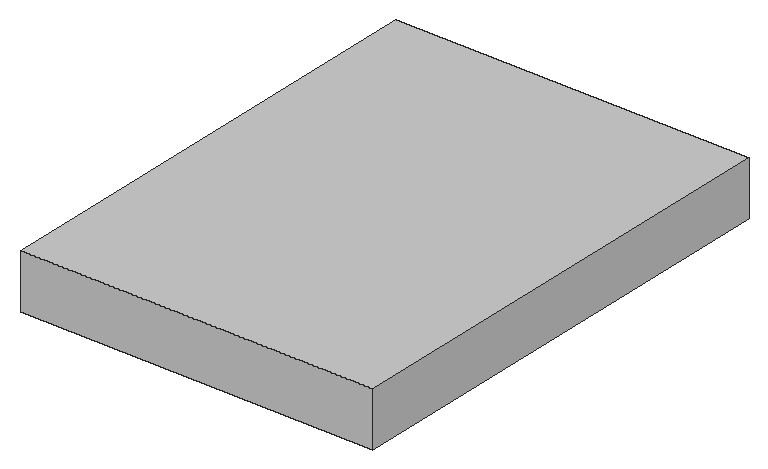
Revit family "Signage_03_Men", category Specialty Equipment, host Face, Revit 2026
Family settings
  Host = Face
  Round Connector Dimension = Use Diameter
  Part Type = Normal
  Classification Number = 23.40.90.11.11
  Enable Cutting in Views = No
  Cut with Voids When Loaded = No
  Maintain Annotation Orientation = No
  Shared = No
  Room Calculation Point = No
Parameters
  thickness = 0.93"
  Length = 6.00"
  Height = 8.00"
  Default Elevation = 48.00"
Reference planes (in)
  plane 1 "Centre (avant/arrière)": y = 0
  plane 2: z = 0
  plane 3 "Centre (gauche/droite)": x = 0
  plane 4: x = -3
  plane 5: y = 4
  plane 6: x = 3
  plane 7: y = -4
  plane 8: z = 0.93
  plane 9: x = -1.00739
  plane 10: x = 0.47112
Forms (in)
  Extrusion 1, solid, material "BLACK"
    sketch origin (0, 0, 0) x (1, 0, 0) y (0, 1, 0)
      loop
        line (3, 4) -> (-3, 4) -> (-3, -4) -> (3, -4) -> (3, 4)
    from 0 to 0.93
Lines and regions (in)
  Split face 1
    outline origin (-0.66423, 0, 0.93) x (1, 0, 0) y (0, 1, 0)
      loop
        line (1.15184, -0.00919) -> (2.06339, -0.00919) -> (2.45505, -0.80537) -> (2.73592, -0.64968) -> (2.69072, -0.56814) -> (2.53382, -0.65511) -> (2.14933, 0.12648) -> (1.34184, 0.12648) -> (1.34184, 0.28363) -> (1.79529, 0.28363) -> (1.79529, 0.42454) -> (1.34184, 0.42454) -> (1.34184, 0.84949)
        arc (1.34184, 0.84949) -> (1.3915, 1.29498) -> (1.15184, 0.91618) r 0.23
        line (1.15184, 0.91618) -> (1.15184, -0.00919)
  Split face 2
    outline origin (-0.79017, 0.06743, 0.93) x (1, 0, 0) y (0, 1, 0)
      loop
        line (1.17908, 0.14843) -> (1.17908, 0.36158)
        arc (1.17908, 0.36158) -> (1.02613, -0.87945) -> (2.24283, -0.59103) r 0.76156
        line (2.24283, -0.59103) -> (2.11573, -0.31592)
        arc (2.11573, -0.31592) -> (1.27587, -0.83317) -> (1.17908, 0.14843) r 0.58156
  Split face 3
    outline origin (-0.82043, 0.25674, 0.93) x (1, 0, 0) y (0, 1, 0)
      loop
        circle (-0.16013, 2.37669) r 0.31
  Split face 4
    outline origin (-1.04908, 0.20032, 0.93) x (1, 0, 0) y (0, 1, 0)
      loop
        arc (-0.68504, 0.64756) -> (-0.55733, 0.51986) -> (-0.42963, 0.64756) r 0.1277
        line (-0.42963, 0.64756) -> (-0.42963, 1.56165)
        arc (-0.42963, 1.56165) -> (-0.37254, 1.61875) -> (-0.31545, 1.56165) r 0.05709
        line (-0.31545, 1.56165) -> (-0.31545, 0.06678) -> (-0.31545, -1.05459)
        arc (-0.31545, -1.05459) -> (-0.15525, -1.18715) -> (0.00593, -1.05579) r 0.16382
        line (0.00593, -1.05579) -> (0.00295, 0.46964)
        arc (0.00295, 0.46964) -> (0.04169, 0.50839) -> (0.08044, 0.46964) r 0.03875
        line (0.08044, 0.46964) -> (0.07746, -1.05579)
        arc (0.07746, -1.05579) -> (0.23864, -1.18715) -> (0.39884, -1.05459) r 0.16382
        line (0.39884, -1.05459) -> (0.39884, 0.06678) -> (0.39884, 1.56165)
        arc (0.39884, 1.56165) -> (0.45593, 1.61875) -> (0.51302, 1.56165) r 0.05709
        line (0.51302, 1.56165) -> (0.51302, 0.64756)
        arc (0.51302, 0.64756) -> (0.64072, 0.51986) -> (0.76843, 0.64756) r 0.1277
        line (0.76843, 0.64756) -> (0.76843, 1.64756)
        spline (0.76843, 1.64756) -> (0.75902, 1.73742) -> (0.75087, 1.77768) -> (0.73255, 1.82328) -> (0.703, 1.86948) -> (0.67186, 1.90672) -> (0.64132, 1.9349) -> (0.60922, 1.95848) -> (0.5719, 1.98163) -> (0.52794, 2.00426) -> (0.48014, 2.02269) -> (0.43545, 2.03163) -> (0.32246, 2.03293)
        line (0.32246, 2.03293) -> (0.04169, 2.03293) -> (-0.23907, 2.03293)
        spline (-0.23907, 2.03293) -> (-0.35206, 2.03163) -> (-0.39675, 2.02269) -> (-0.44455, 2.00426) -> (-0.48852, 1.98163) -> (-0.52583, 1.95848) -> (-0.55793, 1.9349) -> (-0.58847, 1.90672) -> (-0.61961, 1.86948) -> (-0.64916, 1.82328) -> (-0.66748, 1.77768) -> (-0.67564, 1.73742) -> (-0.68504, 1.64756)
        line (-0.68504, 1.64756) -> (-0.68504, 0.64756)
  Split face 5
    outline origin (1.83869, -0.03125, 0.93) x (1, 0, 0) y (0, 1, 0)
      loop
        line (-1.82778, -2.2701) -> (-1.82778, -2.89962) -> (-1.36757, -2.89962) -> (-1.36757, -2.81962) -> (-1.74778, -2.81962) -> (-1.74778, -2.62055) -> (-1.39492, -2.62055) -> (-1.39492, -2.54055) -> (-1.74778, -2.54055) -> (-1.74778, -2.3501) -> (-1.36757, -2.3501) -> (-1.36757, -2.2701) -> (-1.82778, -2.2701)
  Split face 6
    outline origin (-2.59472, -0.03053, 0.93) x (1, 0, 0) y (0, 1, 0)
      loop
        line (1.85363, -2.2695) -> (1.85363, -2.89962) -> (1.93363, -2.89962) -> (1.93363, -2.36601) -> (2.11737, -2.89962) -> (2.20233, -2.89962) -> (2.38607, -2.36601) -> (2.38607, -2.89962) -> (2.46607, -2.89962) -> (2.46607, -2.2695) -> (2.34527, -2.2695) -> (2.15985, -2.80799) -> (1.97443, -2.2695) -> (1.85363, -2.2695)
  Split face 7
    outline origin (1.22512, -0.11478, 0.93) x (1, 0, 0) y (0, 1, 0)
      loop
        circle (-0.94914, -3.29135) r 0.03228
  Split face 8
    outline origin (1.32114, -0.21557, 0.93) x (1, 0, 0) y (0, 1, 0)
      loop
        circle (-0.94914, -3.29135) r 0.03228
  Split face 9
    outline origin (0.92406, -0.01997, 0.93) x (1, 0, 0) y (0, 1, 0)
      loop
        circle (-0.94914, -3.29135) r 0.03228
  Split face 10
    outline origin (0.92406, -0.21528, 0.93) x (1, 0, 0) y (0, 1, 0)
      loop
        circle (-0.94914, -3.29135) r 0.03228
  Split face 11
    outline origin (-1.27151, -0.03053, 0.93) x (1, 0, 0) y (0, 1, 0)
      loop
        line (1.85363, -2.2695) -> (1.85363, -2.89962) -> (1.92972, -2.89962) -> (1.92972, -2.36601) -> (2.26316, -2.89962) -> (2.35129, -2.89962) -> (2.35129, -2.2695) -> (2.27129, -2.2695) -> (2.27129, -2.79304) -> (1.94415, -2.2695) -> (1.85363, -2.2695)
  Split face 12
    outline origin (1.02556, -0.01997, 0.93) x (1, 0, 0) y (0, 1, 0)
      loop
        circle (-0.94914, -3.29135) r 0.03228
Dimensions and locks (in)
  equal spacing: plane 5, plane 1 "Centre (avant/arrière)", plane 7
  "Height": plane 5 to plane 7
  equal spacing: plane 4, plane 3 "Centre (gauche/droite)", plane 6
  "Length": plane 4 to plane 6
  "thickness": level to plane 8
  aligned and locked: plane 2 to host face
  aligned and locked: level to host face
  aligned and locked: plane 6 to Extrusion 1 sketch curve
  aligned and locked: plane 5 to Extrusion 1 sketch curve
  aligned and locked: Extrusion 1 sketch curve to plane 4
  aligned and locked: Extrusion 1 sketch curve to plane 7
  aligned and locked: level to Extrusion 1
  aligned and locked: plane 8 to Extrusion 1
Automatic sketch dimensions
  host sketch curve to host sketch curve = 96.00"  (x2)
  Split face 1 sketch curve to Extrusion 1 = 2.51239"
  Split face 1 sketch curve to Split face 1 sketch curve = 0.16349"
  Split face 1 sketch curve to Split face 1 sketch curve = 0.19"  (x2)
  Split face 1 sketch curve to Split face 1 sketch curve = 0.45345"
  Split face 1 sketch curve to Split face 1 sketch curve = 0.2681"
  Split face 1 sketch curve to Split face 1 sketch curve = 0.08595"
  Split face 1 sketch curve to Split face 1 sketch curve = 0.39167"
  Split face 1 sketch curve to Split face 1 sketch curve = 0.07877"
  Split face 1 sketch curve to Split face 1 sketch curve = 0.1569"
  Split face 1 sketch curve to Split face 1 sketch curve = 0.0452"
  Split face 1 sketch curve to Extrusion 1 = 3.19463"
  Split face 1 sketch curve to Split face 1 sketch curve = 0.15026"
  Split face 1 sketch curve to Split face 1 sketch curve = 0.64591"
  Split face 1 sketch curve to Split face 1 sketch curve = 0.13567"
  Split face 1 sketch curve to Split face 1 sketch curve = 0.15714"
  Split face 1 sketch curve to Split face 1 sketch curve = 0.14091"
  Split face 1 sketch curve to Split face 1 sketch curve = 0.42495"
  Split face 1 sketch curve to Split face 1 sketch curve = 0.06669"
  Split face 2 sketch curve to Split face 2 sketch curve = 0.00"  (x2)
  Split face 2 sketch curve to Extrusion 1 = 2.61109"
  Split face 2 sketch curve to Split face 2 sketch curve = 0.3551"
  Split face 2 sketch curve to Split face 2 sketch curve = 0.58155"
  Split face 2 sketch curve to Split face 2 sketch curve = 0.1271"
  Split face 2 sketch curve to Extrusion 1 = 3.47639"
  Split face 2 sketch curve to Split face 2 sketch curve = 0.27511"
  Split face 2 sketch curve to Split face 2 sketch curve = 0.0038"
  Split face 3 sketch curve to Extrusion 1 = 2.01944"
  Split face 3 sketch curve to Extrusion 1 = 1.36658"
  Split face 5 sketch curve to Extrusion 1 = 1.06913"
  Split face 5 sketch curve to Extrusion 1 = 2.98909"
  Split face 5 sketch curve to Split face 5 sketch curve = 0.08"  (x5)
  Split face 5 sketch curve to Split face 5 sketch curve = 0.35287"
  Split face 5 sketch curve to Split face 5 sketch curve = 0.02734"  (x2)
  Split face 5 sketch curve to Split face 5 sketch curve = 0.19907"
  Split face 5 sketch curve to Split face 5 sketch curve = 0.19044"
  Split face 6 sketch curve to Extrusion 1 = 2.25891"
  Split face 6 sketch curve to Split face 6 sketch curve = 0.08"
  Split face 6 sketch curve to Split face 6 sketch curve = 0.0408"
  Split face 6 sketch curve to Extrusion 1 = 1.06985"
  Split face 6 sketch curve to Split face 6 sketch curve = 0.18374"  (x2)
  Split face 6 sketch curve to Extrusion 1 = 1.16148"
  Split face 6 sketch curve to Split face 6 sketch curve = 0.04248"
  Split face 6 sketch curve to Split face 6 sketch curve = 0.08496"
  Split face 6 sketch curve to Split face 6 sketch curve = 0.37084"
  Split face 6 sketch curve to Split face 6 sketch curve = 0.1208"
  Split face 6 sketch curve to Split face 6 sketch curve = 0.00"  (x3)
  Split face 6 sketch curve to Split face 6 sketch curve = 0.44198"
  Split face 6 sketch curve to Split face 6 sketch curve = 0.09651"  (x2)
  Split face 7 sketch curve to Extrusion 1 = 0.59386"
  Split face 7 sketch curve to Extrusion 1 = 2.72402"
  Split face 8 sketch curve to Extrusion 1 = 0.49308"
  Split face 8 sketch curve to Extrusion 1 = 2.628"
  Split face 9 sketch curve to Extrusion 1 = 0.68868"
  Split face 9 sketch curve to Extrusion 1 = 3.02507"
  Split face 10 sketch curve to Extrusion 1 = 0.49337"
  Split face 10 sketch curve to Extrusion 1 = 3.02507"
  Split face 11 sketch curve to Extrusion 1 = 2.41788"
  Split face 11 sketch curve to Split face 11 sketch curve = 0.07609"
  Split face 11 sketch curve to Split face 11 sketch curve = 0.09052"
  Split face 11 sketch curve to Split face 11 sketch curve = 0.33344"
  Split face 11 sketch curve to Split face 11 sketch curve = 0.00813"
  Split face 11 sketch curve to Split face 11 sketch curve = 0.08813"
  Split face 11 sketch curve to Extrusion 1 = 1.06985"
  Split face 11 sketch curve to Split face 11 sketch curve = 0.00"
  Split face 11 sketch curve to Split face 11 sketch curve = 0.10659"
  Split face 11 sketch curve to Split face 11 sketch curve = 0.53361"
  Split face 11 sketch curve to Split face 11 sketch curve = 0.09651"  (x2)
  Split face 12 sketch curve to Extrusion 1 = 0.68868"
  Split face 12 sketch curve to Extrusion 1 = 2.92358"
  Split face 4 sketch curve to Extrusion 1 = 1.26588"
  Split face 4 sketch curve to Split face 4 sketch curve = 0.1277"  (x2)
  Split face 4 sketch curve to Split face 4 sketch curve = 0.05709"  (x2)
  Split face 4 sketch curve to Split face 4 sketch curve = 0.07638"
  Split face 4 sketch curve to Split face 4 sketch curve = 0.16081"
  Split face 4 sketch curve to Split face 4 sketch curve = 0.16057"  (x2)
  Split face 4 sketch curve to Split face 4 sketch curve = 0.28076"  (x2)
  Split face 4 sketch curve to Split face 4 sketch curve = 0.35714"  (x2)
  Split face 4 sketch curve to Split face 4 sketch curve = 0.07153"
  Split face 4 sketch curve to Extrusion 1 = 3.14453"
  Split face 4 sketch curve to Split face 4 sketch curve = 0.00"  (x3)
  Split face 4 sketch curve to Split face 4 sketch curve = 0.0012"  (x2)
  Split face 4 sketch curve to Split face 4 sketch curve = 1.09011"
  Split face 4 sketch curve to Split face 4 sketch curve = 0.40286"
  Split face 4 sketch curve to Split face 4 sketch curve = 0.58078"  (x2)
  Split face 4 sketch curve to Split face 4 sketch curve = 0.9141"
  Split face 4 sketch curve to Split face 4 sketch curve = 0.0859"  (x2)
  Split face 4 sketch curve to Split face 4 sketch curve = 0.47127"
  Split face 4 sketch curve to Split face 4 sketch curve = 0.03875"
  radius of Split face 3 sketch curve = 0.31"
  radius of Split face 7 sketch curve = 0.03228"
  radius of Split face 8 sketch curve = 0.03228"
  radius of Split face 9 sketch curve = 0.03228"
  radius of Split face 10 sketch curve = 0.03228"
  radius of Split face 12 sketch curve = 0.03228"
